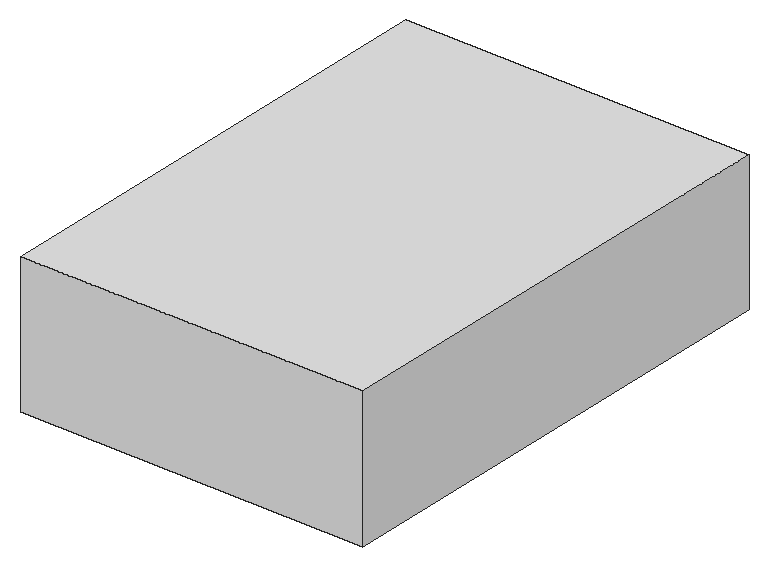
Revit family "LE Bed", category Furniture, Revit 2018
Family settings
  OmniClass Number = 23.40.20.00
  OmniClass Title = General Furniture and Specialties
  Work Plane-Based = No
  Always vertical = Yes
  Cut with Voids When Loaded = No
  Shared = No
  Room Calculation Point = No
Parameters (values of type "1350x1900mm Standard Double")
  Width = 1350 mm
  URL = "https://studiole.uk"
  Manufacturer = "LE"
  Length = 1900 mm
  Height = 550 mm
  Double = yes
  Circulation Right [instance] = yes
  Circulation Foot [instance] = yes
  Circulation Space = 750 mm
  Circulation Left [instance] = yes
  Bed Frame Material = Generic, White
Types (4, lengths in mm): name | Width | Length | Double | Circulation Left
  (no name) | 1350 | 1900 | yes | yes
  1350x1900mm Standard Double | 1350 | 1900 | yes | yes
  1500x2000mm King Double | 1500 | 2000 | yes | yes
  900x1900mm Single | 900 | 1900 | no | no
Reference planes
  plane 1 "Center (Front/Back)": y = 0
  plane 2: z = 0
  plane 3 "Center (Left/Right)": x = 0
  plane 4 "Left": x = -675
  plane 5 "Right": x = 675
  plane 6 "Foot": y = -950
  plane 7 "Head": y = 950
  plane 8: x = -1425
  plane 9: x = 1425
  plane 10 "Foot Circulation": y = -1700
  plane 11 "Height": z = 550
Forms (mm)
  Extrusion 1, solid, material "Generic, White" <- "Bed Frame Material"
    sketch origin (0, 0, 0) x (1, 0, 0) y (0, 1, 0)
      loop
        line (-675, 950) -> (-675, -950) -> (675, -950) -> (675, 950) -> (-675, 950)
    from 0 to 550 <- "Height"
Lines and regions (mm)
  model lines, style "FurnitureHiddenLines", visible <- "Circulation Left"
    curve 1: line (-1425, 950, 0) -> (-1425, -950, 0)
    curve 11: arc (-1425, -950, 0) -> (-1205.33, -1480.33, 0) -> (-675, -1700, 0) r 750
  model lines, style "FurnitureHiddenLines", visible <- "Circulation Right"
    curve 2: line (1425, 950, 0) -> (1425, -950, 0)
    curve 12: arc (675, -1700, 0) -> (1205.33, -1480.33, 0) -> (1425, -950, 0) r 750
  model lines, style "FurnitureHiddenLines", visible <- "Circulation Foot"
    curve 3: line (-675, -1700, 0) -> (675, -1700, 0)
  model lines
    curve 4: line (-675, 490, 550) -> (675, 490, 550)
    curve 5: line (-675, 0, 550) -> (0, 490, 550)
    curve 6: line (-600, 565, 550) -> (600, 565, 550)
    curve 7: line (-600, 875, 550) -> (-600, 565, 550)
    curve 8: line (600, 875, 550) -> (-600, 875, 550)
    curve 9: line (600, 565, 550) -> (600, 875, 550)
  model lines, visible <- "Double"
    curve 10: line (0, 875, 550) -> (0, 565, 550)
Dimensions and locks
  "Length": plane 7 "Head" to plane 6 "Foot"
  equal spacing: plane 7 "Head", plane 1 "Center (Front/Back)", plane 6 "Foot"
  "Width": plane 4 "Left" to plane 5 "Right"
  equal spacing: plane 4 "Left", plane 3 "Center (Left/Right)", plane 5 "Right"
  "Circulation Space": plane 8 to plane 4 "Left"
  "Circulation Space": plane 5 "Right" to plane 9
  "Circulation Space": plane 6 "Foot" to plane 10 "Foot Circulation"
  curve 4 to Extrusion 1 = 460 mm
  curve 9 to Extrusion 1 = 75 mm
  Extrusion 1 to curve 7 = 75 mm
  Extrusion 1 to curve 8 = 75 mm
  curve 4 to curve 6 = 75 mm
  "Height": plane 11 "Height" to plane 2
  aligned and locked: level to plane 2
Automatic sketch dimensions
  Extrusion 1 sketch curve to plane 4 "Left" = 0 mm
  Extrusion 1 sketch curve to plane 5 "Right" = 0 mm
  Extrusion 1 sketch curve to plane 6 "Foot" = 0 mm
  Extrusion 1 sketch curve to plane 7 "Head" = 0 mm
  curve 1 to plane 8 = 0 mm
  curve 11 to plane 4 "Left" = 0 mm
  curve 3 to plane 5 "Right" = 0 mm
  curve 2 to plane 7 "Head" = 0 mm
  curve 2 to plane 9 = 0 mm
  curve 2 to plane 6 "Foot" = 0 mm
  curve 1 to plane 7 "Head" = 0 mm
  curve 4 to plane 5 "Right" = 0 mm
  curve 4 to plane 4 "Left" = 0 mm
  plane 1 "Center (Front/Back)" to curve 5 = 0 mm
  curve 5 to plane 3 "Center (Left/Right)" = 0 mm
  curve 5 to plane 4 "Left" = 0 mm
  curve 10 to plane 3 "Center (Left/Right)" = 0 mm
